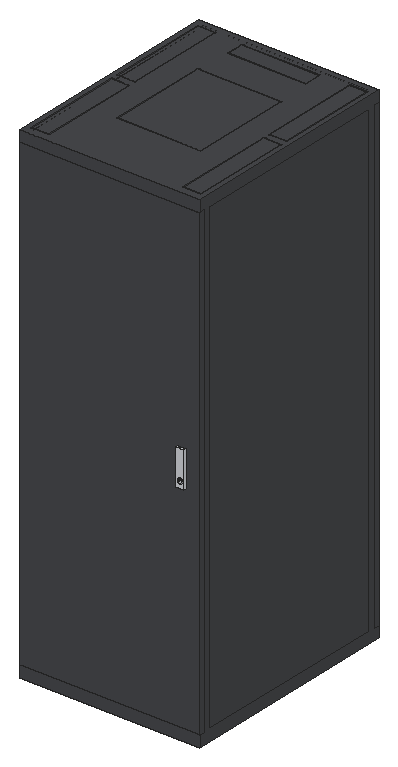
Revit family "Cabinet Linkeo DC width 800", category Equipement spécialisé, Revit 2020
Family settings
  Cote de connecteur circulaire = Utiliser le diamètre
  Type d'élément = Normal
  Basée sur le plan de construction = Non
  Toujours verticalement = Oui
  Couper avec des vides une fois chargée = Non
  Partagée = Oui
  Point de calcul de pièce = Non
Parameters (values of type "Cabinet Linkeo2 47U 800x1000")
  Model = "With permanent frame"
  Number of doors = "1"
  Storage temperature = "-25°C à 70°C"
  Usable height (mm) = 1881.00 mm
  E-catalogue link = "https://www.legrand.fr/reference/446806/pro"
  Avec porte frontale = yes
  Model height = 2190.00 mm
  Number of height units = 47
  RAL Number = "9005"
  Height = 2269.00 mm
  Application class = "EC002499"
  Depth of the model (mm) = 1000.00 mm
  Type of ventilation = "Passive"
  Elévation par défaut = 0.00 mm
  Degree of protection IP = "IP20"
  Width (mm) = 800.00 mm
  Model width = 800.00 mm
  Distance of the aperture 1 = 275.00 mm
  Function = "Server cabinets Linkeo DC"
  Depth = 1000.00 mm
  Degree of protection IK = "IK02"
  Legrand part number = "446806"
  Color = IDS_NOIR
  With earthing = yes
  Operating temperature = "-25°C à 70°C"
  Material = "Steel"
  Locking of the front door = "Three points"
  BIM wording = "Cabinet Linkeo2 47U 800x1000 equipped"
  Modular spacing = "19 inches"
  Front door material = IDS_ACIER
  Mounting level = "Front and rear"
  Type of surface = "Powder coating"
  Max load capacity = "1500"
  Rack location = 93.00 mm
  With roof plate = yes
  Usable width (mm) = 890.00 mm
Types (4, lengths in mm): name | E-catalogue link | Model height | Number of height units | Height | Depth of the model (mm) | Depth | Legrand part number | BIM wording | Usable width (mm)
  Cabinet Linkeo2 42U 800x1000 | "https://www.legrand.fr/reference/446802/pro" | 1965.00 | 42 | 2047.00 | 1000.00 | 1000.00 | "446802" | "Cabinet Linkeo2 42U 800x1000 equipped" | 890.00
  Cabinet Linkeo2 42U 800x1200 | "https://www.legrand.fr/reference/446803/pro" | 1965.00 | 42 | 2047.00 | 1200.00 | 1200.00 | "446803" | "Cabinet Linkeo2 42U 800x1200 equipped" | 1090.00
  Cabinet Linkeo2 47U 800x1000 | "https://www.legrand.fr/reference/446806/pro" | 2190.00 | 47 | 2269.00 | 1000.00 | 1000.00 | "446806" | "Cabinet Linkeo2 47U 800x1000 equipped" | 890.00
  Cabinet Linkeo2 47U 800x1200 | "https://www.legrand.fr/reference/446807/pro" | 2190.00 | 47 | 2269.00 | 1200.00 | 1200.00 | "446807" | "Cabinet Linkeo2 47U 800x1200 equipped" | 1090.00
Reference planes
  plane 1 "Centre (avant/arrière)": y = 106
  plane 2: z = 0
  plane 3: x = -100
  plane 4: x = 700
  plane 5: z = 2190
  plane 6: y = -894
  plane 7: x = 55
  plane 8: x = 545
  plane 9: x = 300
  plane 10: z = 2140
  plane 11: z = 50
  plane 12: z = 1095
  plane 13: y = -892
  plane 14: x = 300
  plane 15: y = -444.5
  plane 16: y = 455.094
  plane 17: x = 1428.928
  plane 18: z = -485.313
  plane 19: x = 2466.566
  plane 20: z = 1095
  plane 21: x = 300
  plane 22: x = 500
  plane 23: x = 100
  plane 24: x = 300
  plane 25: y = -801
  plane 26: x = 525
  plane 27: y = -799.5
  plane 28: x = 556.5
  plane 29: x = 558
  plane 30: y = -760.5
  plane 31: y = -759
  plane 32: x = 534.5
  plane 33: x = 536
  plane 34: z = 80
  plane 35: z = 89.5
  plane 36: x = 528.5
  plane 37: x = 538
  plane 38: z = 111.75
  plane 39: z = 121.25
  plane 40: y = -742.5
  plane 41: y = -752
  plane 42: z = 105.38
  plane 43: z = 95.88
  plane 44: x = 77
  plane 45: x = 67.5
  plane 46: x = 66
  plane 47: z = 55
  plane 48: z = 2155
  plane 49: z = 1095
  plane 50: y = -894
  plane 51: y = 66
  plane 52: z = 35
  plane 53: y = -601
  plane 54 "Panneaux gauche": y = -797.5
  plane 55 "Panneaux droit": y = 62.5
  plane 56 "Panneaux haut": z = 2153
  plane 57: z = 2105
  plane 58: z = 2105
  plane 59: y = -367.5
  plane 60: x = 175
  plane 61: x = 425
  plane 62: y = 61
  plane 63: y = -19
  plane 64: x = 125
  plane 65: x = 475
  plane 66: y = -344.658
  plane 67: y = 102.842
  plane 68: y = -342.158
  plane 69: x = 127.5
  plane 70: y = 91.5
  plane 71: y = 7.5
  plane 72: x = 499.5
  plane 73: y = -619
  plane 74: y = -171.5
  plane 75: y = -616.5
  plane 76: x = -49
  plane 77: x = 41
  plane 78: y = -92
  plane 79: y = -496
  plane 80: y = -94.5
  plane 81: x = -46.5
  plane 82: x = 559
  plane 83: x = 649
  plane 84: x = 115
  plane 85: x = 485
  plane 86: x = 115
  plane 87: x = 485
  plane 88: y = -801
  plane 89: z = 124.45
  plane 90: x = 42
  plane 91: y = -493.5
  plane 92: x = 561.5
  plane 93: z = 2122
  plane 94: y = -394
  plane 95: y = 84.5
  plane 96: y = -872.5
  plane 97: x = 41
  plane 98: x = 559
  plane 99: x = 300
  plane 100: z = 2122
  plane 101: y = -694
  plane 102: z = 72
  plane 103: z = 2118
  plane 104: y = 82.5
  plane 105: y = -870.5
  plane 106: x = 38.5
  plane 107: x = 646.5
  plane 108: x = 678.5
  plane 109: x = -78.5
  plane 110: z = 2035.5
  plane 111: z = 154.5
  plane 112: z = 1095
  plane 113: y = -394
  plane 114: y = 51
  plane 115: y = -839
  plane 116: y = -294
  plane 117: y = -394
  plane 118: y = -16.5
  plane 119: y = 58.5
  plane 120: x = 472.5
  plane 121: y = 23.5
  plane 122: y = 98.5
  plane 123: x = 438
  plane 124: x = 150
  plane 125: x = 450
  plane 126: x = 177.5
  plane 127: x = 422.5
  plane 128: y = -169
  plane 129: y = 105.342
  plane 130: x = 112.5
  plane 131: x = 487.5
  plane 132: x = 112.5
  plane 133: x = 487.5
  plane 134: x = 605
  plane 135: x = 641
  plane 136: z = 1175
  plane 137: z = 1015
  plane 138: x = 623
  plane 139: y = -870
  plane 140: y = -870
  plane 141: y = 82
  plane 142: y = -904
  plane 143: x = -5
  plane 144: x = -41
  plane 145: z = 1175
  plane 146: z = 1015
  plane 147: x = 77
  plane 148: z = 2079.5
  plane 149: z = 2079.5
  plane 150: z = 0
  plane 151: z = 46.5
  plane 152: x = -78
  plane 153: x = 2
  plane 154: y = -379
  plane 155: y = 71
  plane 156: y = -409
  plane 157: y = -859
  plane 158: x = 678
  plane 159: x = 598
  plane 160: y = -379
  plane 161: y = 71
  plane 162: y = -409
  plane 163: y = -859
Forms (mm)
  Extrusion 1, solid, material "IDS_NOIR" <- "Color"
    sketch origin (-100, 0, 0) x (0, 1, 0) y (0, 0, 1)
      loop
        line (-894, 0) -> (106, 0) -> (106, 2190) -> (-894, 2190) -> (-894, 0)
    from 0 to 800
  Extrusion 2, void
    sketch origin (-250, 82.5, 1200) x (1, 0, 0) y (0, 0, 1)
      loop
        line (185, 988) -> (185, -1198) -> (915, -1198) -> (915, 988) -> (185, 988)
    from 0 to 953
  Extrusion 3, void
    sketch origin (0, 106, 0) x (1, 0, 0) y (0, 0, 1)
      loop
        line (55, 2140) -> (55, 50) -> (545, 50) -> (545, 2140) -> (55, 2140)
    from 0 to 1000
  Extrusion 4, solid
    sketch origin (797, -894, 132.5) x (0, 0, 1) y (-1, 0, 0)
      loop
        line (1042.5, 192) -> (882.5, 192) -> (882.5, 156) -> (1042.5, 156) -> (1042.5, 192)
    from 0 to 10
  Extrusion 5, void
    sketch origin (797, -906.5, 132.5) x (0, 0, -1) y (-1, 0, 0)
      loop
        line (-906.261, 178.459) -> (-908.194, 180.391) -> (-918.8, 169.785) -> (-916.867, 167.852) -> (-906.261, 178.459)
    from 0 to 2
  Extrusion 6, void
    sketch origin (0, -23, 0) x (1, 0, 0) y (0, 1, 0)
      loop
        line (112.5, -596) -> (487.5, -596) -> (487.5, -146) -> (112.5, -146) -> (112.5, -596)
    from 2190 to 1927.5
  Extrusion 7, void
    sketch origin (-100, 106, 2190) x (1, 0, 0) y (0, -1, 0)
      loop
        line (225, 125) -> (225, 45) -> (575, 45) -> (575, 125) -> (225, 125)
    from 2 to 0
  Extrusion 8, solid, material "IDS_NOIR" <- "Color"
    sketch origin (-65.5, 106, 2190) x (0, -1, 0) y (1, 0, 0)
      loop
        line (47.5, 193) -> (122.5, 193) -> (122.5, 538) -> (47.5, 538) -> (47.5, 193)
    from 0 to -2
  Extrusion 9, solid, material "IDS_NOIR" <- "Color", not visible
    sketch origin (-100, 146, 625) x (0, -1, 0) y (1, 0, 0)
      loop
        line (47.5, 193) -> (122.5, 193) -> (122.5, 538) -> (47.5, 538) -> (47.5, 193)
    from 0 to -2
  Extrusion 10, solid, material "IDS_NOIR" <- "Color"
    sketch origin (-100, 106, 2190) x (0, -1, 0) y (1, 0, 0)
      loop
        line (277.5, 215) -> (722.5, 215) -> (722.5, 585) -> (277.5, 585) -> (277.5, 215)
    from -2 to 0
  Extrusion 11, void
    sketch origin (0, 106, 0) x (1, 0, 0) y (0, 0, 1)
      loop
        line (649, 2118) -> (-49, 2118) -> (-49, 72) -> (649, 72) -> (649, 2118)
    from 2 to 0
  Extrusion 12, void
    sketch origin (-100, 0, 0) x (0, 1, 0) y (0, 0, 1)
      loop
        line (51, 2140) -> (-839, 2140) -> (-839, 50) -> (51, 50) -> (51, 2140)
    from 0 to 21.5
  Extrusion 13, solid, material "IDS_NOIR" <- "Color"
    sketch origin (-100, 0, 0) x (0, 1, 0) y (0, 0, 1)
      loop
        line (51, 2140) -> (-839, 2140) -> (-839, 50) -> (51, 50) -> (51, 2140)
    from 0 to 21.5
  Extrusion 14, solid, material "IDS_NOIR" <- "Color"
    sketch origin (700, 0, 0) x (0, 1, 0) y (0, 0, 1)
      loop
        line (-839, 2140) -> (-839, 50) -> (51, 50) -> (51, 2140) -> (-839, 2140)
    from 0 to -21.5
  Extrusion 15, void
    sketch origin (700, 0, 0) x (0, -1, 0) y (0, 0, 1)
      loop
        line (839, 2140) -> (-51, 2140) -> (-51, 50) -> (839, 50) -> (839, 2140)
    from 0 to 21.5
  Extrusion 16, void
    sketch origin (-100, 0, 0) x (0, 1, 0) y (0, 0, 1)
      loop
        line (51, 2140) -> (-839, 2140) -> (-839, 50) -> (51, 50) -> (51, 2140)
    from 0 to 800
  Extrusion 17, void
    sketch origin (-100, -894, 0) x (1, 0, 0) y (0, -1, 0)
      loop
        line (275, -955) -> (525, -955) -> (525, -875) -> (275, -875) -> (275, -955)
    from -2 to 0
  Extrusion 18, solid, material "IDS_NOIR" <- "Color"
    sketch origin (-100, 106, 2190) x (0, -1, 0) y (1, 0, 0)
      loop
        line (122.5, 277.5) -> (122.5, 522.5) -> (47.5, 522.5) -> (47.5, 277.5) -> (122.5, 277.5)
    from -2190 to -2188
  Extrusion 19, solid
    sketch origin (797, -904, 132.5) x (0, 0, 1) y (-1, 0, 0)
      loop
        circle (912.5, 174) r 10
    from 0 to 2.5
  Extrusion 20, void
    sketch origin (700, 0, 0) x (0, -1, 0) y (0, 0, 1)
      loop
        line (894, 2140) -> (870, 2140) -> (870, 50) -> (894, 50) -> (894, 2140)
      loop
        line (-82, 2140) -> (-106, 2140) -> (-106, 50) -> (-82, 50) -> (-82, 2140)
    from 0 to 800
  Extrusion 21, solid, material "IDS_NOIR" <- "Color"
    sketch origin (700, 0, 0) x (0, 1, 0) y (0, 0, 1)
      loop
        line (-894, 2140) -> (-894, 50) -> (-870, 50) -> (-870, 2140) -> (-894, 2140)
      loop
        line (82.5, 2140) -> (82.5, 50) -> (106, 50) -> (106, 2140) -> (82.5, 2140)
    from -800 to 0
  Extrusion 22, solid
    sketch origin (600, 106, 2140) x (0, 0, -1) y (-1, 0, 0)
      loop
        line (965, 605) -> (1125, 605) -> (1125, 641) -> (965, 641) -> (965, 605)
    from 0 to 10
  Extrusion 23, solid
    sketch origin (600, 116, 2140) x (0, 0, -1) y (-1, 0, 0)
      loop
        circle (1095, 623) r 10
    from 0 to 2.5
  Extrusion 24, void
    sketch origin (-545.581, 118.5, 2139.497) x (0, 0, 1) y (-1, 0, 0)
      loop
        line (-1099.92, -526.801) -> (-1097.728, -528.994) -> (-1087.121, -518.387) -> (-1089.314, -516.194) -> (-1099.92, -526.801)
    from 0 to 2
  Extrusion 25, void
    sketch origin (-100, 106, 2190) x (1, 0, 0) y (0, -1, 0)
      loop
        line (22, 515) -> (102, 515) -> (102, 965) -> (22, 965) -> (22, 515)
      loop
        line (22, 35) -> (102, 35) -> (102, 485) -> (22, 485) -> (22, 35)
      loop
        line (698, 965) -> (698, 515) -> (778, 515) -> (778, 965) -> (698, 965)
      loop
        line (778, 485) -> (698, 485) -> (698, 35) -> (778, 35) -> (778, 485)
    from 0 to 4
  Extrusion 26, solid, material "IDS_NOIR" <- "Color"
    sketch origin (-100, 106, 2190) x (0, -1, 0) y (1, 0, 0)
      loop
        line (962.5, 24.5) -> (962.5, 99.5) -> (517.5, 99.5) -> (517.5, 24.5) -> (962.5, 24.5)
      loop
        line (482.5, 24.5) -> (482.5, 99.5) -> (37.5, 99.5) -> (37.5, 24.5) -> (482.5, 24.5)
      loop
        line (962.5, 700.5) -> (962.5, 775.5) -> (517.5, 775.5) -> (517.5, 700.5) -> (962.5, 700.5)
      loop
        line (482.5, 700.5) -> (482.5, 775.5) -> (37.5, 775.5) -> (37.5, 700.5) -> (482.5, 700.5)
    from 0 to -2
Cuts and joins
  Extrusion 2, Extrusion 3, Extrusion 6, Extrusion 7, Extrusion 11, Extrusion 12, Extrusion 15, Extrusion 16, Extrusion 17, Extrusion 20, Extrusion 25 cuts Extrusion 1
  Extrusion 5 cuts Extrusion 4
  Extrusion 20 cuts Extrusion 14
  Extrusion 5 cuts Extrusion 19
  Extrusion 24 cuts Extrusion 23
Lines and regions (mm)
  model lines, not visible
    curve 1: line (488, 106, 1095) -> (510, 106, 1095)
    curve 2: line (604, -355.5, 2105) -> (604, -367.5, 2105)
Dimensions and locks
  "Model width": plane 4 to plane 3
  "Model height": plane 5 to level
  "Depth of the model (mm)": plane 6 to plane 1 "Centre (avant/arrière)"
  locked: plane 7 to plane 8 at 490
  equal spacing: plane 7, plane 9, plane 8
  equal spacing: plane 4, plane 9, plane 3
  equal spacing: plane 5, plane 12, level
  equal spacing: plane 10, plane 12, plane 11
  Extrusion 2 sketch curve to plane 3 = 35.00 mm
  Extrusion 2 sketch curve to plane 4 = 35.00 mm
  locked: Extrusion 2 sketch curve to level at 2
  locked: plane 5 to Extrusion 2 sketch curve at 2
  locked: plane 6 to plane 13 at 2
  cut or joined group 1 (Extrusion 1, Extrusion 2, Extrusion 3, Extrusion 6, Extrusion 7, Extrusion 11, Extrusion 12, Extrusion 15, Extrusion 16, Extrusion 17, Extrusion 20, Extrusion 25) to plane 1 "Centre (avant/arrière)" = 23.50 mm
  equal spacing: plane 3, plane 14, plane 4
  equal spacing: plane 23, plane 24, plane 22
  "Rack location": plane 25 to plane 6
  locked: plane 27 to plane 25 at 1.5
  locked: plane 28 to plane 29 at 1.5
  locked: plane 30 to plane 31 at 1.5
  locked: plane 32 to plane 33 at 1.5
  plane 29 to cut or joined group 1 = 107.00 mm
  locked: plane 26 to plane 28 at 31.5
  locked: plane 31 to plane 25 at 42
  locked: plane 32 to plane 29 at 23.5
  locked: plane 34 to level at 80
  locked: plane 35 to plane 34 at 9.5
  locked: plane 36 to plane 37 at 9.5
  locked: plane 26 to plane 36 at 3.5
  locked: plane 39 to plane 38 at 9.5
  locked: plane 38 to plane 34 at 31.75
  plane 41 to plane 40 = 9.50 mm
  locked: plane 42 to plane 43 at 9.5
  plane 43 to plane 35 = 6.38 mm
  locked: plane 45 to plane 46 at 1.5
  locked: plane 47 to plane 11 at 5
  plane 5 to plane 48 to plane 10 = 35.00 mm, 15.00 mm
  locked: plane 51 to plane 1 "Centre (avant/arrière)" at 40
  locked: plane 52 to level at 35
  locked: plane 48 to plane 5 at 35
  locked: plane 25 to plane 54 "Panneaux gauche" at 3.5
  locked: plane 55 "Panneaux droit" to plane 51 at 3.5
  locked: plane 56 "Panneaux haut" to plane 48 at 2
  plane 57 to plane 5 = 85.00 mm
  locked: plane 5 to plane 58 at 85
  plane 54 "Panneaux gauche" to plane 55 "Panneaux droit" = 860.00 mm
  equal spacing: plane 54 "Panneaux gauche", plane 59, plane 55 "Panneaux droit"
  plane 64 to plane 65 = 350.00 mm
  locked: plane 78 to plane 79 at 404
  locked: plane 76 to plane 77 at 90
  locked: plane 78 to plane 80 at 2.5
  locked: plane 76 to plane 81 at 2.5
  locked: plane 3 to plane 76 at 51
  locked: plane 82 to plane 83 at 90
  plane 83 to plane 4 = 51.00 mm
  locked: plane 89 to plane 34 at 44.45
  equal spacing: plane 90, plane 24, plane 29
  locked: plane 90 to plane 29 at 516
  plane 1 "Centre (avant/arrière)" to plane 62 = 45.00 mm
  cut or joined group 1 to plane 63 = 80.00 mm
  plane 91 to plane 79 = 2.50 mm
  plane 5 to plane 93 = 68.00 mm
  equal spacing: plane 95, plane 94, plane 96
  equal spacing: plane 1 "Centre (avant/arrière)", plane 94, plane 6
  equal spacing: plane 97, plane 99, plane 98, locked at 259 each
  equal spacing: Extrusion 12 sketch curve, plane 94, Extrusion 12 sketch curve
  "Usable width (mm)": Extrusion 12 sketch curve to Extrusion 12 sketch curve
  locked: plane 102 to level at 72
  plane 5 to plane 103 = 72.00 mm
  locked: plane 1 "Centre (avant/arrière)" to plane 104 at 23.5
  locked: plane 50 to plane 105 at 23.5
  locked: plane 106 to plane 77 at 2.5
  locked: plane 107 to plane 83 at 2.5
  locked: plane 108 to plane 4 at 21.5
  locked: plane 3 to plane 109 at 21.5
  equal spacing: plane 110, plane 112, plane 111
  "Usable height (mm)": plane 110 to plane 111
  equal spacing: plane 114, plane 113, plane 115
  "Usable width (mm)": plane 114 to plane 115
  equal spacing: plane 1 "Centre (avant/arrière)", plane 116, plane 101
  equal spacing: plane 50, plane 117, plane 1 "Centre (avant/arrière)"
  locked: plane 11 to level at 50
  plane 5 to level = 2190.00 mm
  plane 6 to plane 1 "Centre (avant/arrière)" = 1000.00 mm
  equal spacing: plane 124, plane 24, plane 125
  locked: plane 124 to plane 125 at 300
  plane 130 to plane 131 = 375.00 mm
  "Distance of the aperture 1": cut or joined group 1 to plane 1 "Centre (avant/arrière)"
  locked: plane 135 to plane 134 at 36
  locked: plane 136 to plane 137 at 160
  cut or joined group 1 to plane 139 = 24.00 mm
  plane 6 to plane 140 = 24.00 mm
  plane 141 to plane 1 "Centre (avant/arrière)" = 24.00 mm
  locked: plane 142 to plane 6 at 10
  plane 136 to plane 137 = 160.00 mm
  equal spacing: cut or joined group of Extrusion 4, Extrusion 5, plane 138, cut or joined group of Extrusion 4, Extrusion 5
  Extrusion 19 sketch curve to cut or joined group of Extrusion 4, Extrusion 5 = 30.00 mm
  locked: plane 144 to plane 143 at 36
  locked: plane 145 to plane 146 at 160
  plane 145 to plane 146 = 160.00 mm
  Extrusion 22 to Extrusion 23 sketch curve = 30.00 mm
  locked: plane 5 to plane 148 at 110.5
  locked: plane 152 to plane 153 at 80
  locked: plane 155 to plane 154 at 450
  locked: plane 1 "Centre (avant/arrière)" to plane 155 at 35
  locked: plane 158 to plane 159 at 80
  locked: plane 161 to plane 160 at 450
  plane 3 to plane 152 = 22.00 mm
  plane 158 to plane 4 = 22.00 mm
  locked: cut or joined group 1 to Extrusion 26 sketch curve at 2.5  (x2)
  locked: Extrusion 26 sketch curve to plane 153 at 2.5  (x2)
  locked: Extrusion 26 sketch curve to plane 156 at 2.5
  locked: Extrusion 26 sketch curve to plane 154 at 2.5
  locked: plane 152 to Extrusion 26 sketch curve at 2.5
  locked: plane 155 to Extrusion 26 sketch curve at 2.5
  locked: Extrusion 26 sketch curve to plane 163 at 2.5
  locked: plane 159 to Extrusion 26 sketch curve at 2.5  (x2)
  locked: Extrusion 26 sketch curve to plane 158 at 2.5  (x2)
  locked: plane 162 to Extrusion 26 sketch curve at 2.5
  locked: Extrusion 26 sketch curve to plane 160 at 2.5
  locked: plane 161 to Extrusion 26 sketch curve at 2.5
  aligned and locked: level to plane 2
  aligned and locked: Extrusion 1 sketch curve to level
  aligned and locked: Extrusion 1 sketch curve to plane 6
  aligned and locked: plane 5 to Extrusion 1 sketch curve
  aligned and locked: Extrusion 1 sketch curve to plane 1 "Centre (avant/arrière)"
  aligned and locked: Extrusion 1 to plane 4
  aligned and locked: Extrusion 1 to plane 3
  aligned and locked: Extrusion 3 sketch curve to plane 10
  aligned and locked: Extrusion 3 sketch curve to plane 7
  aligned and locked: plane 11 to Extrusion 3 sketch curve
  aligned and locked: Extrusion 3 sketch curve to plane 8
  aligned and locked: Extrusion 1 to Extrusion 3  (x2)
  aligned and locked: plane 24 to plane 9
  aligned and locked: plane 20 to plane 12
  aligned and locked: plane 49 to plane 20
  aligned and locked: plane 6 to plane 50
  aligned and locked: Extrusion 7 sketch curve to plane 64
  aligned and locked: plane 65 to Extrusion 7 sketch curve
  aligned and locked: Extrusion 1 to Extrusion 7
  aligned and locked: Extrusion 10 to cut or joined group 1
  aligned and locked: plane 5 to Extrusion 10
  aligned and locked: plane 83 to Extrusion 11 sketch curve
  aligned and locked: plane 76 to Extrusion 11 sketch curve
  aligned and locked: Extrusion 11 to Extrusion 1
  aligned and locked: plane 88 to plane 25
  aligned and locked: Extrusion 7 sketch curve to plane 62
  aligned and locked: Extrusion 7 sketch curve to plane 63
  aligned and locked: Extrusion 1 to Extrusion 6
  aligned and locked: plane 99 to plane 14
  aligned and locked: plane 100 to plane 93
  aligned and locked: plane 103 to Extrusion 11 sketch curve
  aligned and locked: Extrusion 11 sketch curve to plane 102
  aligned and locked: cut or joined group 1 to Extrusion 13 sketch curve  (x2)
  aligned and locked: Extrusion 14 sketch curve to cut or joined group 1  (x4)
  aligned and locked: plane 104 to Extrusion 2
  aligned and locked: Extrusion 2 to plane 105
  aligned and locked: Extrusion 14 to plane 108
  aligned and locked: Extrusion 13 to plane 109
  aligned and locked: Extrusion 12 to Extrusion 13
  aligned and locked: Extrusion 15 sketch curve to Extrusion 14  (x2)
  aligned and locked: Extrusion 15 sketch curve to cut or joined group 1  (x2)
  aligned and locked: Extrusion 15 to Extrusion 14
  aligned and locked: plane 12 to plane 112
  aligned and locked: Extrusion 16 sketch curve to plane 11
  aligned and locked: Extrusion 16 sketch curve to plane 115
  aligned and locked: plane 114 to Extrusion 16 sketch curve
  aligned and locked: plane 10 to Extrusion 16 sketch curve
  aligned and locked: Extrusion 16 to plane 4
  aligned and locked: plane 94 to plane 113
  aligned and locked: Extrusion 7 to Extrusion 2
  aligned and locked: plane 69 to Extrusion 8
  aligned and locked: Extrusion 17 sketch curve to plane 62
  aligned and locked: plane 63 to Extrusion 17 sketch curve
  aligned and locked: Extrusion 17 to cut or joined group 1
  aligned and locked: Extrusion 17 to level
  aligned and locked: Extrusion 18 sketch curve to plane 118
  aligned and locked: Extrusion 18 sketch curve to plane 126
  aligned and locked: plane 119 to Extrusion 18 sketch curve
  aligned and locked: Extrusion 18 sketch curve to plane 127
  aligned and locked: Extrusion 18 to cut or joined group 1
  aligned and locked: Extrusion 18 to level
  aligned and locked: Extrusion 17 sketch curve to plane 60
  aligned and locked: Extrusion 17 sketch curve to plane 61
  aligned and locked: Extrusion 7 to Extrusion 8
  aligned and locked: Extrusion 6 sketch curve to plane 73
  aligned and locked: Extrusion 6 sketch curve to plane 130
  aligned and locked: Extrusion 6 sketch curve to plane 128
  aligned and locked: Extrusion 6 sketch curve to plane 131
  aligned and locked: Extrusion 10 sketch curve to plane 74
  aligned and locked: Extrusion 10 sketch curve to plane 84
  aligned and locked: plane 75 to Extrusion 10 sketch curve
  aligned and locked: Extrusion 10 sketch curve to plane 85
  aligned and locked: plane 10 to Extrusion 13 sketch curve
  aligned and locked: Extrusion 13 sketch curve to plane 11
  aligned and locked: Extrusion 12 sketch curve to plane 11
  aligned and locked: plane 10 to Extrusion 12 sketch curve
  aligned and locked: plane 134 to Extrusion 4 sketch curve
  aligned and locked: Extrusion 4 sketch curve to plane 135
  aligned and locked: Extrusion 19 to cut or joined group of Extrusion 4, Extrusion 5
  aligned and locked: Extrusion 19 to Extrusion 5
  aligned and locked: cut or joined group 1 to Extrusion 20 sketch curve
  aligned and locked: plane 10 to Extrusion 20 sketch curve  (x2)
  aligned and locked: plane 6 to Extrusion 20 sketch curve
  aligned and locked: plane 140 to Extrusion 20
  aligned and locked: plane 141 to Extrusion 20 sketch curve
  aligned and locked: Extrusion 20 sketch curve to plane 1 "Centre (avant/arrière)"
  aligned and locked: Extrusion 20 sketch curve to plane 11
  aligned and locked: Extrusion 21 sketch curve to plane 140
  aligned and locked: Extrusion 21 sketch curve to plane 6
  aligned and locked: plane 11 to Extrusion 21 sketch curve  (x2)
  aligned and locked: Extrusion 21 sketch curve to plane 10  (x2)
  aligned and locked: Extrusion 21 to plane 3
  aligned and locked: Extrusion 21 to plane 4
  aligned and locked: plane 1 "Centre (avant/arrière)" to Extrusion 21 sketch curve
  aligned and locked: plane 104 to Extrusion 21 sketch curve
  aligned and locked: Extrusion 4 to plane 6
  aligned and locked: cut or joined group of Extrusion 4, Extrusion 5 to plane 142
  aligned and locked: plane 137 to Extrusion 4 sketch curve
  aligned and locked: Extrusion 4 sketch curve to plane 136
  aligned and locked: plane 143 to Extrusion 22 sketch curve
  aligned and locked: Extrusion 22 sketch curve to plane 144
  aligned and locked: plane 146 to Extrusion 22 sketch curve
  aligned and locked: Extrusion 22 sketch curve to plane 145
  aligned and locked: plane 149 to plane 148
  aligned and locked: Extrusion 8 to plane 118
  aligned and locked: plane 119 to Extrusion 8
  aligned and locked: Extrusion 9 to plane 121
  aligned and locked: plane 122 to Extrusion 9
  aligned and locked: Extrusion 8 to plane 120
  aligned and locked: Extrusion 9 to plane 123
  aligned and locked: Extrusion 1 to Extrusion 20
  aligned and locked: plane 153 to Extrusion 25 sketch curve  (x2)
  aligned and locked: Extrusion 25 sketch curve to plane 155
  aligned and locked: Extrusion 25 sketch curve to plane 152
  aligned and locked: Extrusion 25 sketch curve to plane 154
  aligned and locked: Extrusion 25 sketch curve to plane 156
  aligned and locked: Extrusion 25 sketch curve to plane 157
  aligned and locked: plane 152 to Extrusion 25 sketch curve
  aligned and locked: Extrusion 25 sketch curve to plane 159  (x2)
  aligned and locked: Extrusion 25 sketch curve to plane 163
  aligned and locked: Extrusion 25 sketch curve to plane 158  (x2)
  aligned and locked: Extrusion 25 sketch curve to plane 162
  aligned and locked: Extrusion 25 sketch curve to plane 160
  aligned and locked: Extrusion 25 sketch curve to plane 161
  aligned and locked: Extrusion 26 to cut or joined group 1
Automatic sketch dimensions
  curve 2 to curve 2 = 12.00 mm
  Extrusion 8 sketch curve to Extrusion 8 sketch curve = 75.00 mm
  Extrusion 8 sketch curve to Extrusion 8 sketch curve = 345.00 mm
  Extrusion 9 sketch curve to Extrusion 9 sketch curve = 75.00 mm
  Extrusion 9 sketch curve to Extrusion 9 sketch curve = 345.00 mm
  curve 1 to plane 12 = 0.00 mm
  curve 1 to plane 131 = 0.50 mm
  curve 1 to plane 22 = 10.00 mm
  curve 2 to plane 57 = 0.00 mm
  curve 2 to plane 59 = 0.00 mm
  plane 59 to curve 2 = 12.00 mm
  Extrusion 24 sketch curve to Extrusion 24 sketch curve = 2.193 mm  (x2)
  Extrusion 24 sketch curve to Extrusion 24 sketch curve = 10.607 mm
  Extrusion 5 sketch curve to Extrusion 5 sketch curve = 1.933 mm  (x2)
  Extrusion 5 sketch curve to Extrusion 5 sketch curve = 10.607 mm
  Extrusion 19 sketch curve to Extrusion 4 = 18.00 mm
  Extrusion 20 sketch curve to Extrusion 20 sketch curve = 24.00 mm
  Extrusion 23 sketch curve to Extrusion 22 = 18.00 mm
  radius of Extrusion 19 sketch curve = 10.00 mm
  radius of Extrusion 23 sketch curve = 10.00 mm
